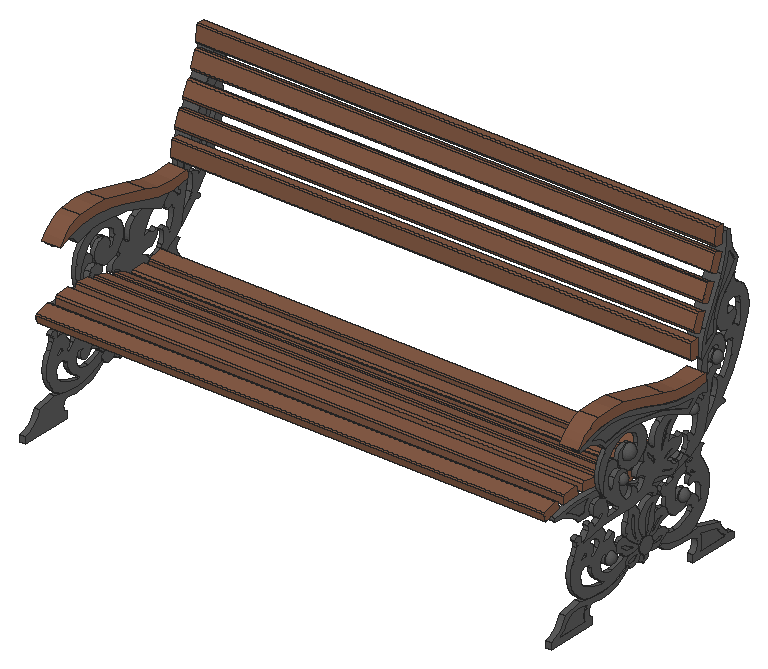
Revit family "Скамейка чугунная «Флора» Ант 6787", category Антураж, Revit 2018
Family settings
  На основе рабочей плоскости = Нет
  Всегда вертикально = Да
  При загрузке вырезать с полостями = Нет
  Источник визуального образа = Геометрия семейства
  Общий = Нет
  Точка расчета площади = Нет
Parameters (values of type "Версия 1,8 м")
  Ширина = 730 mm  # constant formula
  Цвет сидения = Дерево
  Цвет опоры = Чугун
  Описание = if([Версия 0,75 м (кресло)], "Скамейка чугунная «Флора». Версия 0,75 м (кресло)", if([Версия 1,5 м], "Скамейка чугунная «Флора». Версия 1,5 м", "Скамейка чугунная «Флора». Версия 1,8 м"))  # "Скамейка чугунная «Флора». Версия 1,8 м"
  Материал изделия = "Сталь, чугун, дерево"  # constant formula
  Изображение типоразмера = Скамейка чугунная «Флора» Арт 6787.jpg
  Изготовитель = "ООО «Хоббика»"  # constant formula
  Длина = if([Версия 0,75 м (кресло)], 750 mm, if([Версия 1,5 м], 1500 mm, 1800 mm))  # 1800 mm
  Группа модели = "Садовые скамейки"  # constant formula
  Высота = 870 mm  # constant formula
  Версия 1,8 м = not(or([Версия 0,75 м (кресло)], [Версия 1,5 м]))  # yes
  Версия 1,5 м = no
  Версия 0,75 м (кресло) = no
  Артикул товара = "Арт. 6787"  # constant formula
  URL = "https://hobbyka.ru/product/skameika_chugunnaia_flora/"
Types (4, lengths in mm): name | Описание | Длина | Версия 1,8 м | Версия 1,5 м | Версия 0,75 м (кресло)
  (no name) | "Скамейка чугунная «Флора». Версия 1,8 м" | 1800 | yes | no | no
  Версия 0,75 м (кресло) | "Скамейка чугунная «Флора». Версия 0,75 м (кресло)" | 750 | no | no | yes
  Версия 1,5 м | "Скамейка чугунная «Флора». Версия 1,5 м" | 1500 | no | yes | no
  Версия 1,8 м | "Скамейка чугунная «Флора». Версия 1,8 м" | 1800 | yes | no | no
Reference planes
  plane 1 "По центру (Вперед/Назад)": y = 0
  plane 2: z = 0
  plane 3 "По центру (Влево/Вправо)": x = 0
  plane 4: x = 1800
  plane 5: y = 730
  plane 6: z = 870
  plane 7: x = 1780
Forms (mm)
  Extrusion 1, solid, material "Дерево" <- "Цвет сидения"
    sketch origin (0, 0, 0) x (0, 1, 0) y (0, 0, 1)
      loop
        line (764.237, 917.851) -> (769.681, 977.604) -> (744.784, 979.872) -> (739.351, 975.346) -> (734.815, 925.552) -> (739.34, 920.119) -> (764.237, 917.851)
      loop
        line (738.812, 903.114) -> (732.402, 900.128) -> (715.289, 853.147) -> (718.276, 846.738) -> (741.766, 838.182) -> (762.302, 894.558) -> (738.812, 903.114)
      loop
        line (708.562, 824.557) -> (701.821, 822.421) -> (678.793, 778.04) -> (680.929, 771.299) -> (703.12, 759.785) -> (730.753, 813.043) -> (708.562, 824.557)
      loop
        line (690.693, 740.178) -> (667.512, 749.54) -> (661.003, 746.776) -> (642.28, 700.414) -> (645.044, 693.906) -> (668.225, 684.544) -> (690.693, 740.178)
      loop
        line (635.707, 671.07) -> (630.436, 666.357) -> (627.643, 616.435) -> (632.355, 611.163) -> (657.316, 609.767) -> (660.668, 669.673) -> (635.707, 671.07)
    from 0 to 1800
  Extrusion 2, solid, material "Дерево" <- "Цвет сидения"
    sketch origin (0, 0, 0) x (0, 1, 0) y (0, 0, 1)
      loop
        line (82.693, 386.925) -> (76.276, 411.087) -> (70.16, 414.636) -> (21.836, 401.801) -> (18.287, 395.685) -> (24.704, 371.523) -> (82.693, 386.925)
      loop
        line (103.652, 390.911) -> (163.493, 395.272) -> (161.676, 420.206) -> (156.326, 424.829) -> (106.458, 421.195) -> (101.835, 415.845) -> (103.652, 390.911)
      loop
        line (244.388, 386.54) -> (247.768, 411.311) -> (243.49, 416.941) -> (193.949, 423.701) -> (188.319, 419.423) -> (184.939, 394.653) -> (244.388, 386.54)
      loop
        line (261.921, 383.02) -> (319.72, 366.916) -> (326.429, 390.999) -> (322.955, 397.158) -> (274.789, 410.577) -> (268.631, 407.103) -> (261.921, 383.02)
      loop
        line (343.833, 357.222) -> (399.187, 334.071) -> (408.833, 357.135) -> (406.149, 363.677) -> (360.021, 382.969) -> (353.479, 380.286) -> (343.833, 357.222)
      loop
        line (430.538, 324.918) -> (490.53, 323.953) -> (490.933, 348.95) -> (486.014, 354.029) -> (436.02, 354.834) -> (430.94, 349.915) -> (430.538, 324.918)
      loop
        line (510.9, 326.973) -> (570.104, 336.711) -> (566.047, 361.38) -> (560.302, 365.502) -> (510.964, 357.387) -> (506.842, 351.642) -> (510.9, 326.973)
    from 20 to 1780
Dimensions and locks
  "Длина": plane 3 "По центру (Влево/Вправо)" to plane 4
  "Ширина": plane 5 to plane 1 "По центру (Вперед/Назад)"
  "Высота": plane 6 to level
  locked: plane 7 to plane 4 at 20
  aligned and locked: level to plane 2
  aligned and locked: plane 3 "По центру (Влево/Вправо)" to nested 2
  aligned and locked: plane 4 to nested 1
  aligned and locked: nested 2 to Extrusion 2
  aligned and locked: plane 4 to Extrusion 1
  aligned and locked: plane 7 to Extrusion 2
Automatic sketch dimensions
  Extrusion 1 sketch curve to plane 5 = 102.357 mm
  Extrusion 1 sketch curve to Extrusion 1 sketch curve = 2.793 mm
  Extrusion 1 sketch curve to Extrusion 1 sketch curve = 4.713 mm  (x2)
  Extrusion 1 sketch curve to Extrusion 1 sketch curve = 5.272 mm  (x2)
  Extrusion 1 sketch curve to Extrusion 1 sketch curve = 6.572 mm
  Extrusion 1 sketch curve to Extrusion 1 sketch curve = 2.764 mm  (x2)
  Extrusion 1 sketch curve to Extrusion 1 sketch curve = 24.961 mm  (x2)
  Extrusion 1 sketch curve to Extrusion 1 sketch curve = 18.724 mm
  Extrusion 1 sketch curve to Extrusion 1 sketch curve = 6.509 mm  (x2)
  Extrusion 1 sketch curve to Extrusion 1 sketch curve = 7.556 mm
  Extrusion 1 sketch curve to Extrusion 1 sketch curve = 11.281 mm
  Extrusion 1 sketch curve to Extrusion 1 sketch curve = 2.135 mm  (x2)
  Extrusion 1 sketch curve to Extrusion 1 sketch curve = 23.181 mm
  Extrusion 1 sketch curve to plane 5 = 28.179 mm
  Extrusion 1 sketch curve to Extrusion 1 sketch curve = 12.427 mm
  Extrusion 1 sketch curve to Extrusion 1 sketch curve = 6.741 mm  (x2)
  Extrusion 1 sketch curve to plane 5 = 14.711 mm
  Extrusion 1 sketch curve to Extrusion 1 sketch curve = 2.987 mm  (x2)
  plane 5 to Extrusion 1 sketch curve = 0.753 mm
  plane 5 to Extrusion 1 sketch curve = 2.402 mm
  plane 5 to Extrusion 1 sketch curve = 4.815 mm
  Extrusion 1 sketch curve to Extrusion 1 sketch curve = 6.409 mm  (x2)
  Extrusion 1 sketch curve to Extrusion 1 sketch curve = 4.526 mm  (x2)
  plane 5 to Extrusion 1 sketch curve = 9.351 mm
  plane 5 to Extrusion 1 sketch curve = 11.766 mm
  Extrusion 1 sketch curve to Extrusion 1 sketch curve = 5.433 mm  (x2)
  Extrusion 1 sketch curve to Extrusion 1 sketch curve = 23.49 mm
  Extrusion 1 sketch curve to Extrusion 1 sketch curve = 1.935 mm
  Extrusion 1 sketch curve to Extrusion 1 sketch curve = 24.897 mm
  Extrusion 1 sketch curve to plane 6 = 260.233 mm
  Extrusion 1 sketch curve to Extrusion 1 sketch curve = 1.397 mm
  Extrusion 1 sketch curve to Extrusion 1 sketch curve = 14.871 mm
  Extrusion 1 sketch curve to Extrusion 1 sketch curve = 22.836 mm
  Extrusion 1 sketch curve to Extrusion 1 sketch curve = 19.607 mm
  Extrusion 1 sketch curve to Extrusion 1 sketch curve = 11.514 mm
  Extrusion 1 sketch curve to Extrusion 1 sketch curve = 25.139 mm
  Extrusion 1 sketch curve to Extrusion 1 sketch curve = 22.181 mm
  Extrusion 1 sketch curve to Extrusion 1 sketch curve = 23.293 mm
  Extrusion 1 sketch curve to Extrusion 1 sketch curve = 17.005 mm
  Extrusion 2 sketch curve to plane 1 "По центру (Вперед/Назад)" = 18.287 mm
  Extrusion 2 sketch curve to Extrusion 2 sketch curve = 3.549 mm  (x2)
  Extrusion 2 sketch curve to plane 1 "По центру (Вперед/Назад)" = 24.704 mm
  Extrusion 2 sketch curve to Extrusion 2 sketch curve = 48.325 mm
  Extrusion 2 sketch curve to Extrusion 2 sketch curve = 6.116 mm  (x2)
  Extrusion 2 sketch curve to Extrusion 2 sketch curve = 6.417 mm
  Extrusion 2 sketch curve to Extrusion 2 sketch curve = 25.559 mm
  Extrusion 2 sketch curve to Extrusion 2 sketch curve = 20.958 mm
  Extrusion 2 sketch curve to Extrusion 2 sketch curve = 4.623 mm  (x2)
  Extrusion 2 sketch curve to Extrusion 2 sketch curve = 49.868 mm
  Extrusion 2 sketch curve to Extrusion 2 sketch curve = 5.35 mm  (x2)
  Extrusion 2 sketch curve to Extrusion 2 sketch curve = 1.817 mm
  Extrusion 2 sketch curve to Extrusion 2 sketch curve = 21.445 mm
  Extrusion 2 sketch curve to Extrusion 2 sketch curve = 3.38 mm
  Extrusion 2 sketch curve to Extrusion 2 sketch curve = 5.63 mm  (x2)
  Extrusion 2 sketch curve to Extrusion 2 sketch curve = 49.541 mm
  Extrusion 2 sketch curve to Extrusion 2 sketch curve = 0.898 mm
  Extrusion 2 sketch curve to Extrusion 2 sketch curve = 4.278 mm  (x2)
  Extrusion 2 sketch curve to Extrusion 2 sketch curve = 17.533 mm
  Extrusion 2 sketch curve to Extrusion 2 sketch curve = 20.863 mm
  Extrusion 2 sketch curve to Extrusion 2 sketch curve = 6.159 mm  (x2)
  Extrusion 2 sketch curve to Extrusion 2 sketch curve = 57.799 mm
  Extrusion 2 sketch curve to Extrusion 2 sketch curve = 3.235 mm
  Extrusion 2 sketch curve to Extrusion 2 sketch curve = 3.475 mm  (x2)
  Extrusion 2 sketch curve to Extrusion 2 sketch curve = 24.113 mm
  Extrusion 2 sketch curve to Extrusion 2 sketch curve = 9.646 mm
  Extrusion 2 sketch curve to Extrusion 2 sketch curve = 6.542 mm  (x2)
  Extrusion 2 sketch curve to Extrusion 2 sketch curve = 55.354 mm
  Extrusion 2 sketch curve to Extrusion 2 sketch curve = 6.963 mm
  Extrusion 2 sketch curve to Extrusion 2 sketch curve = 2.684 mm  (x2)
  Extrusion 2 sketch curve to Extrusion 2 sketch curve = 31.352 mm
  Extrusion 2 sketch curve to Extrusion 2 sketch curve = 22.108 mm
  Extrusion 2 sketch curve to Extrusion 2 sketch curve = 5.08 mm  (x2)
  Extrusion 2 sketch curve to Extrusion 2 sketch curve = 49.994 mm
  Extrusion 2 sketch curve to Extrusion 2 sketch curve = 4.517 mm
  Extrusion 2 sketch curve to Extrusion 2 sketch curve = 4.919 mm  (x2)
  Extrusion 2 sketch curve to Extrusion 2 sketch curve = 15.91 mm
  Extrusion 2 sketch curve to Extrusion 2 sketch curve = 20.369 mm
  Extrusion 2 sketch curve to Extrusion 2 sketch curve = 4.122 mm  (x2)
  Extrusion 2 sketch curve to Extrusion 2 sketch curve = 49.337 mm
  Extrusion 2 sketch curve to Extrusion 2 sketch curve = 5.745 mm  (x2)
  Extrusion 2 sketch curve to Extrusion 2 sketch curve = 4.057 mm
  level to Extrusion 2 sketch curve = 323.953 mm
  Extrusion 2 sketch curve to Extrusion 2 sketch curve = 0.965 mm
  Extrusion 2 sketch curve to Extrusion 2 sketch curve = 3.02 mm
  Extrusion 2 sketch curve to Extrusion 2 sketch curve = 9.153 mm
  Extrusion 2 sketch curve to Extrusion 2 sketch curve = 9.738 mm
  Extrusion 2 sketch curve to Extrusion 2 sketch curve = 7.22 mm
  Extrusion 2 sketch curve to Extrusion 2 sketch curve = 9.695 mm
  Extrusion 2 sketch curve to Extrusion 2 sketch curve = 4.607 mm
  Extrusion 2 sketch curve to Extrusion 2 sketch curve = 16.104 mm
  Extrusion 2 sketch curve to Extrusion 2 sketch curve = 3.52 mm
  Extrusion 2 sketch curve to Extrusion 2 sketch curve = 15.402 mm
  Extrusion 2 sketch curve to Extrusion 2 sketch curve = 3.986 mm
  Extrusion 2 sketch curve to Extrusion 2 sketch curve = 8.112 mm
  Extrusion 2 sketch curve to Extrusion 2 sketch curve = 0.62 mm
Nested families
  nested 1: "Скамейка чугунная «Флора» Ант 6787" at (1800, 0, 0), type "Скамейка чугунная «Флора» Ант 6787"
  nested 2: "Скамейка чугунная «Флора» Ант 6787" at (0, 0, 0) x (-1, 0, 0) z (0, 0, 1), type "Скамейка чугунная «Флора» Ант 6787"
Definition of nested family "Скамейка чугунная «Флора» Ант 6787"
  Parameters (values of type "Скамейка чугунная «Флора» Ант 6787")
    Цвет сидения = none
    Цвет опоры = none
    Height = 0 mm
  Reference planes
    plane 1 "По центру (Вперед/Назад)": y = 0
    plane 2: z = 0
    plane 3 "По центру (Влево/Вправо)": x = 0
  Forms (mm)
    Extrusion 1, solid, material <- "Цвет опоры"
      sketch origin (0, 0, 0) x (0, -1, 0) y (0, 0, -1)
        loop
          line (-176, 0) -> (-176, -25)
          arc (-176, -25) -> (-161.819, -51.313) -> (-187.385, -66.801) r 21.689
          arc (-187.385, -66.801) -> (-267.585, -68.528) -> (-336.32, -109.887) r 155.974
          arc (-336.32, -109.887) -> (-333.812, -113.206) -> (-331.008, -116.279) r 44.966
          arc (-331.008, -116.279) -> (-282.055, -89.581) -> (-227.057, -80.393) r 167.848
          arc (-227.057, -80.393) -> (-176.367, -83.615) -> (-126.467, -93.095) r 409.023
          line (-126.467, -93.095) -> (-61.611, -77.463)
          arc (-61.611, -77.463) -> (-37.664, -41.378) -> (0, -20) r 93.263
          line (0, -20) -> (0, 0) -> (-176, 0)
        loop
          line (-614, -25) -> (-614, 0) -> (-790, 0) -> (-790, -20)
          arc (-790, -20) -> (-752.336, -41.378) -> (-728.389, -77.463) r 93.263
          line (-728.389, -77.463) -> (-637.297, -100.82)
          arc (-637.297, -100.82) -> (-556.178, -95.442) -> (-478.385, -119.058) r 226.474
          arc (-478.385, -119.058) -> (-472.225, -115.705) -> (-465.595, -113.417) r 42.252
          arc (-465.595, -113.417) -> (-498.112, -93.073) -> (-535.429, -84.202) r 118.303
          arc (-535.429, -84.202) -> (-572.267, -80.636) -> (-609.24, -78.985) r 713.406
          arc (-609.24, -78.985) -> (-634.447, -54.005) -> (-614, -25) r 27.479
      from 0 to 20
    Extrusion 2, void
      sketch origin (0, 0, 0) x (0, -1, 0) y (0, 0, -1)
        loop
          arc (-157.538, -69.735) -> (-115.335, -76.779) -> (-73.861, -66.258) r 104.142
          arc (-73.861, -66.258) -> (-58.376, -43.782) -> (-38.428, -25.155) r 126.413
          line (-38.428, -25.155) -> (-39.08, -19.397) -> (-150.104, -19.397)
          arc (-150.104, -19.397) -> (-144.665, -45.919) -> (-157.538, -69.735) r 39.595
        loop
          arc (-642.573, -80.803) -> (-649.238, -49.751) -> (-639.896, -19.397) r 62.956
          line (-639.896, -19.397) -> (-750.92, -19.397) -> (-751.572, -25.155)
          arc (-751.572, -25.155) -> (-733.226, -41.96) -> (-718.527, -62.032) r 126.413
          arc (-718.527, -62.032) -> (-680.139, -69.754) -> (-642.573, -80.803) r 447.321
      from 15 to 20
    Extrusion 3, solid, material <- "Цвет опоры"
      sketch origin (0, 0, 0) x (0, -1, 0) y (0, 0, -1)
        loop
          arc (-389.697, -126.259) -> (-383.797, -134.822) -> (-381.531, -144.971) r 27.282
          arc (-381.531, -144.971) -> (-361.409, -139.85) -> (-340.653, -139.32) r 93.021
          arc (-340.653, -139.32) -> (-330.111, -132.803) -> (-323.513, -122.311) r 27.431
          arc (-323.513, -122.311) -> (-331.268, -116.017) -> (-337.442, -108.167) r 44.966
          arc (-337.442, -108.167) -> (-357.643, -98.459) -> (-378.859, -105.685) r 29.611
          arc (-378.859, -105.685) -> (-386.32, -114.896) -> (-389.697, -126.259) r 30.439
        loop
          arc (-425.572, -124.217) -> (-454.347, -112.12) -> (-483.574, -123.078) r 42.252
          arc (-483.574, -123.078) -> (-497.393, -134.061) -> (-513.237, -141.845) r 82.329
          arc (-513.237, -141.845) -> (-495.541, -161.382) -> (-470.064, -168.147) r 46.461
          arc (-470.064, -168.147) -> (-453.998, -157.207) -> (-434.859, -153.814) r 46.368
          arc (-434.859, -153.814) -> (-434.832, -137.567) -> (-425.572, -124.217) r 27.282
      from 0 to 15
    Extrusion 4, solid, material <- "Цвет опоры"
      sketch origin (0, 0, 0) x (0, -1, 0) y (0, 0, -1)
        loop
          arc (-398.746, -96.005) -> (-406.505, -93.051) -> (-410.155, -85.595) r 11.308
          arc (-410.155, -85.595) -> (-425.956, -99.311) -> (-431.213, -119.564) r 35.292
          arc (-431.213, -119.564) -> (-428.292, -121.768) -> (-425.572, -124.217) r 42.252
          arc (-425.572, -124.217) -> (-407.251, -118.497) -> (-389.697, -126.259) r 27.282
          arc (-389.697, -126.259) -> (-387.444, -117.273) -> (-382.592, -109.381) r 30.439
          arc (-382.592, -109.381) -> (-388.169, -99.674) -> (-398.746, -96.005) r 15.986
      from 0 to 12
    Extrusion 5, solid, material <- "Цвет опоры"
      sketch origin (0, 0, 0) x (0, -1, 0) y (0, 0, -1)
        loop
          arc (-281.327, -170.226) -> (-303.916, -164.898) -> (-320.826, -149.002) r 44.897
          arc (-320.826, -149.002) -> (-328.244, -142.808) -> (-337.38, -139.662) r 26.686
          arc (-337.38, -139.662) -> (-359.777, -139.639) -> (-381.531, -144.971) r 93.021
          arc (-381.531, -144.971) -> (-381.966, -150.648) -> (-383.57, -156.112) r 27.282
          line (-383.57, -156.112) -> (-353.236, -178.223)
          arc (-353.236, -178.223) -> (-342.692, -187.514) -> (-334.018, -198.571) r 76.781
          arc (-334.018, -198.571) -> (-315.878, -205.077) -> (-297.738, -198.571) r 28.542
          arc (-297.738, -198.571) -> (-290.473, -191.336) -> (-284.533, -182.979) r 60.512
          arc (-284.533, -182.979) -> (-283.502, -176.459) -> (-281.327, -170.226) r 36.944
        loop
          arc (-445.632, -211.746) -> (-437.491, -188.71) -> (-423.071, -168.987) r 84.074
          arc (-423.071, -168.987) -> (-430.345, -162.473) -> (-434.859, -153.814) r 27.282
          arc (-434.859, -153.814) -> (-454.992, -157.626) -> (-471.516, -169.742) r 46.368
          arc (-471.516, -169.742) -> (-488.181, -183.476) -> (-508.619, -190.451) r 60.24
          arc (-508.619, -190.451) -> (-512.198, -192.409) -> (-513.052, -196.398) r 4.897
          arc (-513.052, -196.398) -> (-512.933, -197.648) -> (-512.767, -198.893) r 33.813
          arc (-512.767, -198.893) -> (-508.262, -207.004) -> (-505.084, -215.72) r 59.039
          arc (-505.084, -215.72) -> (-490.945, -225.558) -> (-473.794, -227.155) r 33.813
          arc (-473.794, -227.155) -> (-457.902, -222.759) -> (-445.632, -211.746) r 36.034
      from 0 to 13
    Extrusion 6, solid, material <- "Цвет опоры"
      sketch origin (0, 0, 0) x (0, -1, 0) y (0, 0, -1)
        loop
          arc (-397.651, -170.634) -> (-410.565, -172.959) -> (-423.071, -168.987) r 27.282
          arc (-423.071, -168.987) -> (-440.034, -193.962) -> (-447.08, -223.318) r 84.074
          arc (-447.08, -223.318) -> (-452.625, -251.735) -> (-471.886, -273.352) r 54.754
          arc (-471.886, -273.352) -> (-401.767, -266.38) -> (-386.257, -197.644) r 60.226
          line (-386.257, -197.644) -> (-397.651, -170.634)
      from 0 to 18
    Extrusion 7, solid, material <- "Цвет опоры"
      sketch origin (0, 0, 0) x (0, -1, 0) y (0, 0, -1)
        loop
          arc (-361.77, -287.717) -> (-350.227, -286.352) -> (-338.639, -285.435) r 299.785
          arc (-338.639, -285.435) -> (-341.259, -265.159) -> (-334.443, -245.883) r 44.057
          arc (-334.443, -245.883) -> (-328.344, -223.618) -> (-332.56, -200.92) r 51.619
          arc (-332.56, -200.92) -> (-341.752, -188.528) -> (-353.236, -178.223) r 76.781
          line (-353.236, -178.223) -> (-383.57, -156.112)
          arc (-383.57, -156.112) -> (-389.215, -164.726) -> (-397.651, -170.634) r 27.282
          line (-397.651, -170.634) -> (-386.257, -197.644)
          arc (-386.257, -197.644) -> (-381.438, -221.968) -> (-386.827, -246.172) r 60.226
          arc (-386.827, -246.172) -> (-379.831, -270.281) -> (-361.77, -287.717) r 48.773
      from 0 to 16
    Extrusion 8, solid, material <- "Цвет опоры"
      sketch origin (0, 0, 0) x (0, -1, 0) y (0, 0, -1)
        loop
          circle (-408.801, -145.735) r 27.282
      from 0 to 22
    Extrusion 9, void
      sketch origin (13, 0, 0) x (0, 1, 0) y (0, 0, -1)
        loop
          arc (304.33, -180.927) -> (322.982, -179.407) -> (339.771, -171.142) r 50.043
          arc (339.771, -171.142) -> (355.09, -160.094) -> (371.688, -151.084) r 148.236
          arc (371.688, -151.084) -> (352.547, -152.824) -> (334.191, -158.52) r 91.601
          arc (334.191, -158.52) -> (318.057, -168.12) -> (304.33, -180.927) r 87.923
        loop
          arc (467.081, -180.648) -> (456.124, -170.549) -> (442.302, -164.981) r 41.414
          arc (442.302, -164.981) -> (450.07, -180.208) -> (460.307, -193.898) r 100.49
          arc (460.307, -193.898) -> (476.525, -201.12) -> (494.274, -200.765) r 40.776
          arc (494.274, -200.765) -> (478.821, -193.216) -> (467.081, -180.648) r 47.373
      from 0 to 3
    Extrusion 10, void
      sketch origin (18, 0, 0) x (0, 1, 0) y (0, 0, -1)
        loop
          arc (408.703, -173.016) -> (406.696, -199.496) -> (409.121, -225.94) r 159.122
          arc (409.121, -225.94) -> (425.333, -255.064) -> (455.581, -269.064) r 53.846
          arc (455.581, -269.064) -> (439.551, -252.488) -> (430.089, -231.458) r 67.011
          arc (430.089, -231.458) -> (421.264, -202.205) -> (414.222, -172.472) r 505.246
          arc (414.222, -172.472) -> (411.476, -172.885) -> (408.703, -173.016) r 27.282
      from 0 to 3
    Extrusion 11, void
      sketch origin (16, 0, 0) x (0, 1, 0) y (0, 0, -1)
        loop
          arc (379.03, -167.34) -> (357.927, -195.112) -> (348.57, -228.713) r 92.78
          arc (348.57, -228.713) -> (351.037, -248.423) -> (356.714, -267.457) r 120.272
          arc (356.714, -267.457) -> (365.311, -250.643) -> (366.651, -231.806) r 47.334
          arc (366.651, -231.806) -> (368.889, -198.814) -> (379.03, -167.34) r 135.869
      from 0 to 3
    Extrusion 12, void
      sketch origin (15, 0, 0) x (0, 1, 0) y (0, 0, -1)
        loop
          arc (360.951, -112.259) -> (346.533, -114.16) -> (333.56, -120.734) r 43.247
          arc (333.56, -120.734) -> (356.493, -127.658) -> (380.447, -127.456) r 79.73
          arc (380.447, -127.456) -> (372.312, -117.788) -> (360.951, -112.259) r 30.419
        loop
          arc (494.351, -140.05) -> (469.036, -128.005) -> (441.185, -131.21) r 50.838
          arc (441.185, -131.21) -> (466.646, -142.378) -> (494.351, -140.05) r 56.498
      from 0 to 3
    Extrusion 13, void
      sketch origin (12, 0, 0) x (0, 1, 0) y (0, 0, -1)
        loop
          arc (405.647, -115.487) -> (414.684, -105.794) -> (415.034, -92.547) r 18.709
          arc (415.034, -92.547) -> (406.389, -102.4) -> (405.647, -115.487) r 20.125
      from 0 to 3
    Extrusion 14, solid, material <- "Цвет сидения"
      sketch origin (0, 0, 0) x (0, -1, 0) y (0, 0, -1)
        loop
          arc (-193.238, -636.935) -> (-142.82, -614.525) -> (-107.409, -572.214) r 122.13
          arc (-107.409, -572.214) -> (-150.763, -591.984) -> (-196.798, -604.275) r 285.759
          arc (-196.798, -604.275) -> (-292.22, -607.776) -> (-385.797, -588.773) r 403.801
          line (-385.797, -588.773) -> (-470.885, -561.506)
          arc (-470.885, -561.506) -> (-562.924, -541.543) -> (-656.873, -548.125) r 333.275
          arc (-656.873, -548.125) -> (-657.371, -561.286) -> (-654.363, -574.109) r 49.261
          arc (-654.363, -574.109) -> (-563.039, -572.314) -> (-474.304, -593.98) r 353.494
          arc (-474.304, -593.98) -> (-389.35, -620.036) -> (-302.611, -639.338) r 1130.232
          arc (-302.611, -639.338) -> (-247.825, -642.638) -> (-193.238, -636.935) r 334.466
      from -35 to 30
    Extrusion 15, solid, material <- "Цвет опоры"
      sketch origin (0, 0, 0) x (0, -1, 0) y (0, 0, -1)
        loop
          arc (-123.089, -560.207) -> (-179.534, -559.744) -> (-225.094, -526.421) r 92.046
          arc (-225.094, -526.421) -> (-288.096, -540.967) -> (-352.753, -541.417) r 294.54
          arc (-352.753, -541.417) -> (-474.777, -520.856) -> (-589.231, -473.817) r 556.014
          arc (-589.231, -473.817) -> (-607.046, -493.465) -> (-627.703, -510.1) r 169.845
          arc (-627.703, -510.1) -> (-646.796, -515.751) -> (-665.889, -510.1) r 35.08
          line (-665.889, -510.1) -> (-665.889, -546.116)
          arc (-665.889, -546.116) -> (-582.984, -532.485) -> (-500.079, -546.116) r 258.938
          line (-500.079, -546.116) -> (-416.256, -571.634)
          arc (-416.256, -571.634) -> (-266.92, -602.969) -> (-117.584, -571.634) r 371.522
          arc (-117.584, -571.634) -> (-116.405, -564.026) -> (-123.089, -560.207) r 6.789
      from 0 to 25
    Extrusion 16, void
      sketch origin (25, 0, 0) x (0, 1, 0) y (0, 0, -1)
        loop
          arc (229.256, -541.393) -> (199.205, -564.355) -> (163.113, -575.656) r 108.918
          arc (163.113, -575.656) -> (257.136, -591.625) -> (351.477, -577.653) r 303.749
          line (351.477, -577.653) -> (496.411, -534.689)
          arc (496.411, -534.689) -> (554.205, -522.389) -> (613.104, -517.67) r 455.747
          arc (613.104, -517.67) -> (599.911, -505.739) -> (588.199, -492.352) r 152.429
          arc (588.199, -492.352) -> (481.723, -532.635) -> (369.869, -553.817) r 653.056
          arc (369.869, -553.817) -> (298.952, -554.515) -> (229.256, -541.393) r 362.526
      from 0 to 3
    Revolve 17, solid, material <- "Цвет опоры"
      sketch origin (14, 0, 0) x (0, -1, 0) y (0, 0, -1)
        loop
          arc (-336.754, -441.838) -> (-361.754, -466.838) -> (-336.754, -491.838) r 25
          line (-336.754, -491.838) -> (-336.754, -441.838)
        axis (-336.754, -491.838) -> (-336.754, -441.838)
      angle from 180 to 360
    Revolve 18, solid, material <- "Цвет опоры"
      sketch origin (18, 0, 0) x (0, -1, 0) y (0, 0, -1)
        loop
          arc (-309.349, -377.458) -> (-326.349, -394.458) -> (-309.349, -411.458) r 17
          line (-309.349, -411.458) -> (-309.349, -377.458)
        axis (-309.349, -411.458) -> (-309.349, -377.458)
      angle from 180 to 360
    Revolve 19, solid, material <- "Цвет опоры"
      sketch origin (15, 0, 0) x (0, -1, 0) y (0, 0, -1)
        loop
          arc (-257.634, -151.351) -> (-277.634, -171.351) -> (-257.634, -191.351) r 20
          line (-257.634, -191.351) -> (-257.634, -151.351)
        axis (-257.634, -191.351) -> (-257.634, -151.351)
      angle from 180 to 360
    Revolve 20, solid, material <- "Цвет опоры"
      sketch origin (13, 0, 0) x (0, -1, 0) y (0, 0, -1)
        loop
          arc (-577.225, -205.999) -> (-597.225, -225.999) -> (-577.225, -245.999) r 20
          line (-577.225, -245.999) -> (-577.225, -205.999)
        axis (-577.225, -245.999) -> (-577.225, -205.999)
      angle from 180 to 360
    Extrusion 21, solid, material <- "Цвет опоры"
      sketch origin (0, 0, 0) x (0, -1, 0) y (0, 0, -1)
        loop
          line (-664.998, -609.839) -> (-718.187, -664.919)
          arc (-718.187, -664.919) -> (-732.104, -740.951) -> (-778.15, -803.035) r 170.574
          arc (-778.15, -803.035) -> (-799.119, -829.978) -> (-814.104, -860.654) r 165.265
          arc (-814.104, -860.654) -> (-788.362, -906.448) -> (-780.951, -958.455) r 142.579
          arc (-780.951, -958.455) -> (-774.864, -963.127) -> (-767.245, -962.219) r 10.176
          arc (-767.245, -962.219) -> (-763.571, -899.266) -> (-743.887, -839.356) r 244.024
          arc (-743.887, -839.356) -> (-708.599, -769.365) -> (-675.899, -698.128) r 2139.023
          arc (-675.899, -698.128) -> (-662.399, -656.414) -> (-657.672, -612.825) r 214.285
          arc (-657.672, -612.825) -> (-660.425, -609.099) -> (-664.998, -609.839) r 4.45
      from -40 to 15
    Extrusion 22, void
      sketch origin (15, 0, 0) x (0, 1, 0) y (0, 0, -1)
        loop
          arc (800.41, -858.574) -> (780.863, -824.068) -> (754.842, -794.141) r 198.337
          arc (754.842, -794.141) -> (717.807, -737.691) -> (708.549, -670.815) r 153.636
          arc (708.549, -670.815) -> (689.106, -658.235) -> (671.699, -642.963) r 158.906
          arc (671.699, -642.963) -> (677.072, -668.559) -> (685.541, -693.304) r 213.068
          arc (685.541, -693.304) -> (719.33, -763.997) -> (754.607, -833.959) r 3702.974
          arc (754.607, -833.959) -> (768.102, -868.131) -> (776.567, -903.883) r 256.024
          arc (776.567, -903.883) -> (786.6, -880.235) -> (800.41, -858.574) r 154.579
      from 0 to 3
    Extrusion 23, solid, material <- "Цвет опоры"
      sketch origin (0, 0, 0) x (0, -1, 0) y (0, 0, -1)
        loop
          arc (-45.376, -380.021) -> (-40.856, -375.383) -> (-44.156, -369.811) r 5.325
          arc (-44.156, -369.811) -> (-99.043, -357.797) -> (-146.025, -326.981) r 154.789
          arc (-146.025, -326.981) -> (-269.305, -320.849) -> (-387.314, -284.661) r 499.3
          arc (-387.314, -284.661) -> (-498.847, -291.987) -> (-603.315, -331.732) r 376.544
          line (-603.315, -331.732) -> (-584.558, -350.489)
          arc (-584.558, -350.489) -> (-574.419, -342.878) -> (-562.878, -337.631) r 58.462
          arc (-562.878, -337.631) -> (-465.917, -324.338) -> (-370.513, -346.16) r 272.488
          arc (-370.513, -346.16) -> (-211.078, -393.176) -> (-45.376, -380.021) r 456.725
      from -20 to 0
    Extrusion 24, void
      sketch origin (0, 0, 0) x (0, 1, 0) y (0, 0, -1)
        loop
          arc (192.72, -382.689) -> (175.369, -365.96) -> (169.403, -342.607) r 44.106
          arc (169.403, -342.607) -> (158.2, -342.578) -> (147.001, -342.33) r 571.603
          arc (147.001, -342.33) -> (116.595, -362.771) -> (82.483, -376.141) r 168.153
          arc (82.483, -376.141) -> (137.398, -382.85) -> (192.72, -382.689) r 444.725
      from 0 to 5
    Revolve 25, solid, material <- "Цвет опоры"
      sketch origin (16, 0, 0) x (0, -1, 0) y (0, 0, -1)
        loop
          arc (-616.21, -460.666) -> (-633.21, -477.666) -> (-616.21, -494.666) r 17
          line (-616.21, -494.666) -> (-616.21, -460.666)
        axis (-616.21, -494.666) -> (-616.21, -460.666)
      angle from 180 to 360
    Revolve 26, solid, material <- "Цвет опоры"
      sketch origin (16, 0, 0) x (0, -1, 0) y (0, 0, -1)
        loop
          arc (-717.752, -574.556) -> (-737.752, -594.556) -> (-717.752, -614.556) r 20
          line (-717.752, -614.556) -> (-717.752, -574.556)
        axis (-717.752, -614.556) -> (-717.752, -574.556)
      angle from 180 to 360
    Extrusion 27, solid, material <- "Цвет опоры"
      sketch origin (0, 0, 0) x (0, -1, 0) y (0, 0, -1)
        loop
          line (-668.615, -380.844) -> (-720.526, -429.223)
          arc (-720.526, -429.223) -> (-732.607, -436.476) -> (-746.691, -436.921) r 27.984
          arc (-746.691, -436.921) -> (-751.262, -438.703) -> (-752.682, -443.398) r 5.607
          arc (-752.682, -443.398) -> (-747.786, -451.002) -> (-739.825, -455.292) r 18.118
          arc (-739.825, -455.292) -> (-804, -545.828) -> (-846.102, -648.506) r 488.862
          arc (-846.102, -648.506) -> (-855.521, -700.413) -> (-846.102, -752.321) r 147.745
          arc (-846.102, -752.321) -> (-833.958, -771.09) -> (-815.025, -782.977) r 51.694
          arc (-815.025, -782.977) -> (-796.766, -799.283) -> (-795, -823.699) r 32.607
          arc (-795, -823.699) -> (-786.993, -813.027) -> (-778.15, -803.035) r 165.265
          arc (-778.15, -803.035) -> (-740.029, -756.877) -> (-720.204, -700.39) r 170.574
          arc (-720.204, -700.39) -> (-723.955, -683.578) -> (-734.054, -669.624) r 42.622
          arc (-734.054, -669.624) -> (-758.782, -660.251) -> (-784.52, -666.326) r 45.174
          arc (-784.52, -666.326) -> (-799.886, -688.394) -> (-795.042, -714.846) r 34.968
          arc (-795.042, -714.846) -> (-787.643, -706.985) -> (-777.368, -703.676) r 21.646
          arc (-777.368, -703.676) -> (-765.498, -707.561) -> (-760.491, -719.002) r 15.28
          arc (-760.491, -719.002) -> (-768.511, -739.64) -> (-788.551, -749.057) r 29.815
          arc (-788.551, -749.057) -> (-812.977, -739.969) -> (-823.003, -715.913) r 32.7
          arc (-823.003, -715.913) -> (-824.334, -681.761) -> (-817.785, -648.216) r 147.777
          arc (-817.785, -648.216) -> (-814.303, -646.028) -> (-810.69, -647.991) r 4.071
          arc (-810.69, -647.991) -> (-807.054, -652.912) -> (-802.595, -657.101) r 33.986
          arc (-802.595, -657.101) -> (-782.652, -663.027) -> (-763.57, -654.739) r 30.396
          arc (-763.57, -654.739) -> (-757.149, -646.748) -> (-753.316, -637.24) r 35.034
          arc (-753.316, -637.24) -> (-755.273, -630.117) -> (-756.717, -622.872) r 103.389
          arc (-756.717, -622.872) -> (-776.535, -627.879) -> (-788.818, -611.54) r 18.458
          arc (-788.818, -611.54) -> (-777.411, -558.373) -> (-751.241, -510.707) r 187.677
          arc (-751.241, -510.707) -> (-747.748, -509.283) -> (-745.475, -512.292) r 3.094
          arc (-745.475, -512.292) -> (-735.606, -525.706) -> (-719.083, -527.78) r 21.094
          arc (-719.083, -527.78) -> (-723.472, -498.068) -> (-716.011, -468.975) r 76.015
          arc (-716.011, -468.975) -> (-702.657, -446.312) -> (-685.061, -426.759) r 131.544
          arc (-685.061, -426.759) -> (-680.836, -426.057) -> (-678.933, -429.894) r 3.598
          line (-678.933, -429.894) -> (-668.615, -380.844)
      from 0 to 18
    Extrusion 28, solid, material <- "Цвет опоры"
      sketch origin (0, 0, 0) x (0, -1, 0) y (0, 0, -1)
        loop
          arc (-478.385, -119.058) -> (-538.126, -98.256) -> (-601.289, -94.788) r 226.474
          arc (-601.289, -94.788) -> (-684.666, -185.934) -> (-655.595, -305.992) r 131.425
          arc (-655.595, -305.992) -> (-650.222, -328.181) -> (-663.654, -346.641) r 27.187
          arc (-663.654, -346.641) -> (-652.998, -354.201) -> (-639.934, -354.416) r 22.083
          arc (-639.934, -354.416) -> (-622.238, -342.083) -> (-603.315, -331.732) r 199.658
          arc (-603.315, -331.732) -> (-595.188, -327.29) -> (-586.954, -323.049) r 376.544
          line (-586.954, -323.049) -> (-591.421, -295.709)
          arc (-591.421, -295.709) -> (-599.194, -279.915) -> (-614.448, -271.128) r 30.233
          arc (-614.448, -271.128) -> (-601.876, -260.105) -> (-605.27, -243.733) r 16.602
          arc (-605.27, -243.733) -> (-628.458, -247.359) -> (-647.232, -233.274) r 30.179
          arc (-647.232, -233.274) -> (-652.269, -201.881) -> (-645.168, -170.889) r 83.236
          arc (-645.168, -170.889) -> (-642.055, -168.734) -> (-638.941, -170.889) r 3.326
          arc (-638.941, -170.889) -> (-639.48, -181.551) -> (-637.844, -192.1) r 52.311
          arc (-637.844, -192.1) -> (-625.823, -206.974) -> (-607.237, -211.481) r 29.803
          arc (-607.237, -211.481) -> (-603.69, -210.574) -> (-600.264, -209.286) r 33.464
          arc (-600.264, -209.286) -> (-592.79, -196.322) -> (-582.044, -185.908) r 53.969
          arc (-582.044, -185.908) -> (-595.839, -187.557) -> (-608.403, -181.626) r 25.132
          arc (-608.403, -181.626) -> (-615.354, -170.741) -> (-611.916, -158.292) r 15.877
          arc (-611.916, -158.292) -> (-580.668, -139.244) -> (-544.882, -131.59) r 109.2
          arc (-544.882, -131.59) -> (-525.663, -133.703) -> (-507.175, -139.36) r 103.293
          arc (-507.175, -139.36) -> (-494.66, -132.255) -> (-483.574, -123.078) r 82.329
          arc (-483.574, -123.078) -> (-481.058, -120.967) -> (-478.385, -119.058) r 42.252
        loop
          arc (-591.084, -323.555) -> (-589.765, -321.434) -> (-591.084, -319.314) r 2.364
          arc (-591.084, -319.314) -> (-601.049, -316.423) -> (-611.425, -316.486) r 36.087
          arc (-611.425, -316.486) -> (-615.955, -320.319) -> (-616.208, -326.247) r 7.391
          arc (-616.208, -326.247) -> (-603.467, -326.574) -> (-591.084, -323.555) r 48.285
        loop
          arc (-601.972, -291.268) -> (-610.5, -279.523) -> (-624.475, -275.601) r 22.1
          arc (-624.475, -275.601) -> (-616.286, -287.833) -> (-601.972, -291.268) r 20.215
      from 0 to 16
    Extrusion 29, solid, material <- "Цвет опоры"
      sketch origin (0, 0, 0) x (0, -1, 0) y (0, 0, -1)
        loop
          arc (-227.057, -80.393) -> (-282.055, -89.581) -> (-331.008, -116.279) r 167.848
          arc (-331.008, -116.279) -> (-327.422, -119.496) -> (-323.513, -122.311) r 44.966
          arc (-323.513, -122.311) -> (-330.111, -132.803) -> (-340.653, -139.32) r 27.431
          arc (-340.653, -139.32) -> (-339.015, -139.476) -> (-337.38, -139.662) r 93.021
          arc (-337.38, -139.662) -> (-330.406, -141.714) -> (-324.245, -145.573) r 26.686
          arc (-324.245, -145.573) -> (-298.462, -133.188) -> (-270.622, -126.625) r 132.516
          arc (-270.622, -126.625) -> (-243.125, -129.279) -> (-221.488, -146.453) r 48.737
          arc (-221.488, -146.453) -> (-216.34, -164.978) -> (-221.488, -183.503) r 35.909
          arc (-221.488, -183.503) -> (-230.22, -190.475) -> (-241.394, -190.439) r 16.825
          arc (-241.394, -190.439) -> (-243.559, -188.478) -> (-243.557, -185.557) r 3.599
          arc (-243.557, -185.557) -> (-239.139, -163.739) -> (-257.634, -151.351) r 20
          arc (-257.634, -151.351) -> (-266.177, -153.267) -> (-273.083, -158.649) r 20
          arc (-273.083, -158.649) -> (-284.617, -185.467) -> (-273.083, -212.284) r 36.944
          arc (-273.083, -212.284) -> (-271.176, -216.182) -> (-272.288, -220.38) r 6.212
          arc (-272.288, -220.38) -> (-277.008, -232.343) -> (-272.288, -244.305) r 17.519
          arc (-272.288, -244.305) -> (-254.749, -231.637) -> (-233.159, -230.244) r 39.068
          arc (-233.159, -230.244) -> (-230.078, -234.341) -> (-232.074, -239.063) r 5.137
          arc (-232.074, -239.063) -> (-236.32, -261.629) -> (-221.6, -279.252) r 26.901
          arc (-221.6, -279.252) -> (-220.728, -281.818) -> (-222.322, -284.009) r 2.943
          line (-222.322, -284.009) -> (-141.658, -269.459)
          arc (-141.658, -269.459) -> (-137.267, -269.257) -> (-134.002, -272.198) r 5.785
          arc (-134.002, -272.198) -> (-134.852, -282.632) -> (-129.891, -291.85) r 18.457
          arc (-129.891, -291.85) -> (-117.519, -294.421) -> (-108.218, -285.868) r 13.837
          arc (-108.218, -285.868) -> (-117.297, -276.313) -> (-117.612, -263.136) r 18.321
          arc (-117.612, -263.136) -> (-113.079, -251.41) -> (-107.411, -240.188) r 127.172
          arc (-107.411, -240.188) -> (-96.767, -143.131) -> (-174.366, -83.873) r 99.307
          arc (-174.366, -83.873) -> (-200.655, -81.282) -> (-227.057, -80.393) r 409.023
        loop
          arc (-228.99, -110.56) -> (-207.676, -123.999) -> (-190.302, -142.248) r 102.128
          arc (-190.302, -142.248) -> (-182.711, -159.06) -> (-181.862, -177.486) r 49.085
          arc (-181.862, -177.486) -> (-176.384, -179.544) -> (-171.093, -177.042) r 7.504
          arc (-171.093, -177.042) -> (-165.873, -186.208) -> (-155.967, -189.833) r 15.334
          arc (-155.967, -189.833) -> (-140.038, -185.05) -> (-130.369, -171.518) r 25.71
          arc (-130.369, -171.518) -> (-134.993, -145.512) -> (-152.331, -125.585) r 49.504
          arc (-152.331, -125.585) -> (-191.022, -108.775) -> (-232.335, -100.24) r 205.016
          arc (-232.335, -100.24) -> (-232.508, -105.998) -> (-228.99, -110.56) r 8.553
        loop
          arc (-208.662, -223.149) -> (-213.944, -233.192) -> (-212.587, -244.458) r 19.072
          arc (-212.587, -244.458) -> (-195.179, -259.417) -> (-172.351, -257.03) r 28.99
          arc (-172.351, -257.03) -> (-170.514, -254.177) -> (-172.351, -251.324) r 3.134
          arc (-172.351, -251.324) -> (-182.333, -245.478) -> (-187.25, -235.007) r 19.509
          arc (-187.25, -235.007) -> (-185.76, -223.817) -> (-178.051, -215.57) r 18.522
          arc (-178.051, -215.57) -> (-176.628, -212.795) -> (-178.051, -210.02) r 3.418
          arc (-178.051, -210.02) -> (-183.31, -206.295) -> (-187.161, -201.126) r 20.6
          arc (-187.161, -201.126) -> (-196.872, -213.152) -> (-208.662, -223.149) r 82.262
        loop
          arc (-162.802, -216.855) -> (-160.884, -220.723) -> (-160.893, -225.041) r 9.418
          arc (-160.893, -225.041) -> (-159.108, -229.974) -> (-154.075, -231.456) r 5.808
          arc (-154.075, -231.456) -> (-142.819, -226.899) -> (-133.888, -218.673) r 33.953
          arc (-133.888, -218.673) -> (-135.149, -213.136) -> (-140.13, -210.412) r 6.913
          arc (-140.13, -210.412) -> (-150.758, -216.126) -> (-162.802, -216.855) r 28.09
      from 0 to 15
    Extrusion 30, solid, material <- "Цвет опоры"
      sketch origin (0, 0, 0) x (0, -1, 0) y (0, 0, -1)
        loop
          line (-141.658, -269.459) -> (-223.949, -284.303)
          arc (-223.949, -284.303) -> (-257.66, -287.408) -> (-291.497, -286.34) r 274.525
          arc (-291.497, -286.34) -> (-353.942, -286.742) -> (-414.949, -300.071) r 299.785
          arc (-414.949, -300.071) -> (-427.981, -300.732) -> (-439.53, -294.657) r 24.688
          arc (-439.53, -294.657) -> (-442.683, -288.439) -> (-442.941, -281.473) r 16.248
          arc (-442.941, -281.473) -> (-449.04, -281.032) -> (-455.064, -279.976) r 60.226
          arc (-455.064, -279.976) -> (-456.529, -281.91) -> (-457.714, -284.027) r 17.614
          arc (-457.714, -284.027) -> (-457.304, -300.809) -> (-445.706, -312.945) r 23.262
          arc (-445.706, -312.945) -> (-440.577, -315.903) -> (-437.128, -320.717) r 14.008
          arc (-437.128, -320.717) -> (-449.402, -328.822) -> (-463.92, -331.185) r 35.087
          arc (-463.92, -331.185) -> (-490.184, -326.953) -> (-514.47, -316.097) r 102.376
          arc (-514.47, -316.097) -> (-538.942, -317.902) -> (-551.548, -338.955) r 26.629
          arc (-551.548, -338.955) -> (-534.486, -342.392) -> (-521.355, -353.814) r 34.032
          arc (-521.355, -353.814) -> (-510.257, -362.908) -> (-496.309, -366.272) r 32.17
          arc (-496.309, -366.272) -> (-518.686, -375.118) -> (-542.64, -377.386) r 85.585
          arc (-542.64, -377.386) -> (-561.472, -396.076) -> (-567.579, -421.895) r 48.261
          arc (-567.579, -421.895) -> (-559.192, -416.211) -> (-549.166, -417.666) r 14.012
          arc (-549.166, -417.666) -> (-526.921, -423.462) -> (-505.534, -415.033) r 37.081
          arc (-505.534, -415.033) -> (-525.34, -461.123) -> (-561.391, -496.006) r 127.516
          arc (-561.391, -496.006) -> (-518.7, -509.004) -> (-476.008, -496.006) r 76.612
          arc (-476.008, -496.006) -> (-452.145, -467.643) -> (-450.998, -430.594) r 56.493
          arc (-450.998, -430.594) -> (-429.473, -440.65) -> (-418.111, -461.514) r 38.044
          arc (-418.111, -461.514) -> (-412.358, -444.503) -> (-402.355, -429.589) r 68.065
          arc (-402.355, -429.589) -> (-403.118, -415.384) -> (-407.413, -401.822) r 56.358
          arc (-407.413, -401.822) -> (-381.27, -393.704) -> (-374.242, -367.247) r 28.29
          arc (-374.242, -367.247) -> (-395.761, -368.26) -> (-407.275, -350.053) r 21.418
          arc (-407.275, -350.053) -> (-393.382, -329.027) -> (-370.66, -318.129) r 47.269
          arc (-370.66, -318.129) -> (-367.227, -342.566) -> (-346.573, -356.071) r 29.856
          arc (-346.573, -356.071) -> (-349.167, -333.265) -> (-330.095, -320.492) r 22.067
          arc (-330.095, -320.492) -> (-311.216, -336.86) -> (-299.033, -358.677) r 72.321
          arc (-299.033, -358.677) -> (-295.514, -372.211) -> (-294.511, -386.16) r 76.667
          arc (-294.511, -386.16) -> (-300.748, -379.794) -> (-309.349, -377.458) r 17
          arc (-309.349, -377.458) -> (-316.911, -379.233) -> (-322.895, -384.186) r 17
          arc (-322.895, -384.186) -> (-328.655, -394.363) -> (-328.284, -406.051) r 21.654
          arc (-328.284, -406.051) -> (-320.956, -418.209) -> (-308.305, -424.65) r 25.798
          arc (-308.305, -424.65) -> (-291.233, -422.148) -> (-278.201, -410.837) r 30.723
          arc (-278.201, -410.837) -> (-271.039, -396.165) -> (-269.307, -379.931) r 47.177
          arc (-269.307, -379.931) -> (-263.765, -377.444) -> (-258.223, -379.931) r 7.419
          arc (-258.223, -379.931) -> (-248.644, -398.014) -> (-247.444, -418.443) r 48.128
          arc (-247.444, -418.443) -> (-261.275, -436.708) -> (-284.114, -438.529) r 27.996
          arc (-284.114, -438.529) -> (-280.477, -463.882) -> (-255.653, -470.189) r 23.026
          arc (-255.653, -470.189) -> (-252.461, -471.112) -> (-252.142, -474.419) r 2.958
          arc (-252.142, -474.419) -> (-233.832, -426.27) -> (-231.007, -374.834) r 167.642
          arc (-231.007, -374.834) -> (-258.188, -340.502) -> (-293.747, -314.947) r 158.009
          arc (-293.747, -314.947) -> (-295.343, -309.465) -> (-290.641, -306.226) r 4.877
          line (-290.641, -306.226) -> (-243.963, -302.378)
          arc (-243.963, -302.378) -> (-240.954, -304.903) -> (-241.061, -308.829) r 4.516
          arc (-241.061, -308.829) -> (-246.619, -318.062) -> (-247.924, -328.759) r 25.82
          arc (-247.924, -328.759) -> (-243.996, -344.431) -> (-237.097, -359.041) r 82.729
          arc (-237.097, -359.041) -> (-215.35, -373.075) -> (-191.079, -364.088) r 28.924
          arc (-191.079, -364.088) -> (-184.686, -348.82) -> (-188.062, -332.616) r 27.918
          arc (-188.062, -332.616) -> (-194.371, -326.231) -> (-202.71, -322.91) r 21.914
          arc (-202.71, -322.91) -> (-209.183, -323.262) -> (-215.096, -325.921) r 17.7
          arc (-215.096, -325.921) -> (-220.408, -328.525) -> (-226.297, -327.957) r 10.86
          arc (-226.297, -327.957) -> (-223.106, -318.336) -> (-215.161, -312.04) r 17.713
          line (-215.161, -312.04) -> (-186.795, -296.516)
          arc (-186.795, -296.516) -> (-185.094, -303.602) -> (-182.152, -310.27) r 40.585
          arc (-182.152, -310.27) -> (-172.367, -315.98) -> (-161.416, -313.076) r 14.764
          arc (-161.416, -313.076) -> (-164.664, -304.503) -> (-162.71, -295.547) r 16.112
          line (-162.71, -295.547) -> (-141.658, -269.459)
      from 0 to 18
    Extrusion 31, solid, material <- "Цвет опоры"
      sketch origin (0, 0, 0) x (0, -1, 0) y (0, 0, -1)
        loop
          arc (-591.914, -358.825) -> (-588.434, -354.482) -> (-584.558, -350.489) r 58.462
          line (-584.558, -350.489) -> (-603.315, -331.732)
          arc (-603.315, -331.732) -> (-623.396, -342.806) -> (-642.075, -356.11) r 199.658
          line (-642.075, -356.11) -> (-668.615, -380.844) -> (-678.933, -429.894) -> (-700.398, -531.934)
          arc (-700.398, -531.934) -> (-714.606, -548.095) -> (-735.793, -551.855) r 32.539
          arc (-735.793, -551.855) -> (-733.754, -566.582) -> (-721.429, -574.897) r 18.237
          arc (-721.429, -574.897) -> (-725.611, -576.164) -> (-729.417, -578.31) r 20
          line (-729.417, -578.31) -> (-730.41, -576.59)
          arc (-730.41, -576.59) -> (-743.245, -583.756) -> (-752.576, -595.114) r 39.542
          arc (-752.576, -595.114) -> (-756.724, -608.683) -> (-756.717, -622.872) r 47.933
          arc (-756.717, -622.872) -> (-755.273, -630.117) -> (-753.316, -637.24) r 103.389
          arc (-753.316, -637.24) -> (-740.448, -653.006) -> (-721.538, -660.528) r 40.518
          arc (-721.538, -660.528) -> (-719.042, -662.098) -> (-718.187, -664.919) r 4.214
          line (-718.187, -664.919) -> (-664.998, -609.839)
          arc (-664.998, -609.839) -> (-662.556, -608.793) -> (-659.952, -609.325) r 4.45
          arc (-659.952, -609.325) -> (-657.609, -576.803) -> (-660.348, -544.312) r 209.188
          arc (-660.348, -544.312) -> (-663.124, -545.199) -> (-665.889, -546.116) r 258.938
          line (-665.889, -546.116) -> (-665.889, -510.1)
          arc (-665.889, -510.1) -> (-664.149, -511.159) -> (-662.35, -512.115) r 35.08
          line (-662.35, -512.115) -> (-663.708, -483.664)
          arc (-663.708, -483.664) -> (-660.969, -480.929) -> (-657.325, -482.236) r 3.617
          arc (-657.325, -482.236) -> (-644.828, -498.824) -> (-627.144, -509.716) r 56
          arc (-627.144, -509.716) -> (-617.574, -502.608) -> (-608.527, -494.845) r 169.845
          line (-608.527, -494.845) -> (-609.27, -493.185)
          arc (-609.27, -493.185) -> (-599.585, -474.118) -> (-616.21, -460.666) r 17
          arc (-616.21, -460.666) -> (-623.952, -462.531) -> (-629.995, -467.718) r 17
          arc (-629.995, -467.718) -> (-633.011, -465.577) -> (-634.744, -462.309) r 8.01
          arc (-634.744, -462.309) -> (-637.799, -423.978) -> (-624.422, -387.927) r 89.124
          arc (-624.422, -387.927) -> (-622.051, -386.541) -> (-619.681, -387.927) r 2.72
          arc (-619.681, -387.927) -> (-615.45, -397.043) -> (-609.191, -404.907) r 42.397
          arc (-609.191, -404.907) -> (-600.552, -407.9) -> (-591.914, -404.907) r 13.961
          arc (-591.914, -404.907) -> (-598.157, -381.866) -> (-591.914, -358.825) r 45.637
        loop
          arc (-713.937, -574.923) -> (-697.844, -596.472) -> (-717.752, -614.556) r 20
          arc (-717.752, -614.556) -> (-723.098, -613.828) -> (-728.054, -611.698) r 20
          arc (-728.054, -611.698) -> (-727.839, -625.717) -> (-715.888, -633.049) r 14.554
          arc (-715.888, -633.049) -> (-691.882, -624.327) -> (-678.684, -602.459) r 38.335
          arc (-678.684, -602.459) -> (-676.788, -578.733) -> (-680.156, -555.171) r 107.591
          arc (-680.156, -555.171) -> (-683.041, -552.191) -> (-686.727, -554.092) r 3.478
          arc (-686.727, -554.092) -> (-697.485, -568.226) -> (-713.937, -574.923) r 33.686
      from 0 to 16
    Extrusion 32, solid, material <- "Цвет опоры"
      sketch origin (0, 0, 0) x (0, -1, 0) y (0, 0, -1)
        loop
          arc (-437.128, -320.717) -> (-521.282, -310.23) -> (-603.315, -331.732) r 224.327
          line (-603.315, -331.732) -> (-584.558, -350.489)
          arc (-584.558, -350.489) -> (-574.419, -342.878) -> (-562.878, -337.631) r 58.462
          arc (-562.878, -337.631) -> (-504.101, -325.325) -> (-444.057, -326.191) r 272.488
          arc (-444.057, -326.191) -> (-440.42, -323.673) -> (-437.128, -320.717) r 35.087
      from 0 to 14
    Extrusion 33, solid, material <- "Цвет опоры"
      sketch origin (0, 0, 0) x (0, -1, 0) y (0, 0, -1)
        loop
          arc (-586.954, -323.049) -> (-561.705, -311.577) -> (-535.68, -301.994) r 376.544
          arc (-535.68, -301.994) -> (-538.042, -300.097) -> (-537.317, -297.156) r 2.816
          arc (-537.317, -297.156) -> (-529.101, -289.803) -> (-519.615, -284.182) r 56.589
          arc (-519.615, -284.182) -> (-510.893, -283.302) -> (-502.664, -286.327) r 19.529
          arc (-502.664, -286.327) -> (-501.733, -290.335) -> (-504.599, -293.288) r 4.297
          arc (-504.599, -293.288) -> (-495.954, -291.369) -> (-487.267, -289.654) r 376.544
          arc (-487.267, -289.654) -> (-484.628, -280.965) -> (-484.683, -271.884) r 30.28
          arc (-484.683, -271.884) -> (-493.458, -258.295) -> (-509.219, -254.651) r 21.531
          arc (-509.219, -254.651) -> (-503.752, -237.573) -> (-504.137, -219.645) r 54.378
          arc (-504.137, -219.645) -> (-512.981, -198.572) -> (-529.164, -182.436) r 59.039
          arc (-529.164, -182.436) -> (-552.902, -176.238) -> (-576.641, -182.436) r 48.556
          arc (-576.641, -182.436) -> (-591.531, -194.767) -> (-601.121, -211.553) r 53.969
          arc (-601.121, -211.553) -> (-600.174, -227.019) -> (-591.588, -239.917) r 29.791
          arc (-591.588, -239.917) -> (-585.024, -244.416) -> (-577.225, -245.999) r 20
          arc (-577.225, -245.999) -> (-561.038, -237.747) -> (-558.21, -219.799) r 20
          arc (-558.21, -219.799) -> (-553.352, -215.71) -> (-547.249, -217.467) r 6.747
          arc (-547.249, -217.467) -> (-541.969, -235.373) -> (-544.11, -253.918) r 46.782
          arc (-544.11, -253.918) -> (-561.659, -281.726) -> (-591.421, -295.709) r 58.615
          line (-591.421, -295.709) -> (-586.954, -323.049)
      from 0 to 13
    Extrusion 34, solid, material <- "Цвет опоры"
      sketch origin (0, 0, 0) x (0, -1, 0) y (0, 0, -1)
        loop
          arc (-226.128, -383.802) -> (-228.495, -379.279) -> (-231.007, -374.834) r 158.009
          arc (-231.007, -374.834) -> (-233.843, -426.322) -> (-252.194, -474.512) r 167.642
          arc (-252.194, -474.512) -> (-276.633, -502.653) -> (-309.997, -519.267) r 95.288
          arc (-309.997, -519.267) -> (-342.545, -521.271) -> (-371.804, -506.873) r 63.565
          arc (-371.804, -506.873) -> (-380.838, -490.659) -> (-381.359, -472.106) r 39.023
          arc (-381.359, -472.106) -> (-374.219, -457.03) -> (-360.126, -448.104) r 29.979
          arc (-360.126, -448.104) -> (-357.407, -448.672) -> (-356.261, -451.202) r 3.067
          arc (-356.261, -451.202) -> (-359.292, -477.657) -> (-336.754, -491.838) r 25
          arc (-336.754, -491.838) -> (-304.654, -477.003) -> (-299.689, -441.991) r 36.98
          arc (-299.689, -441.991) -> (-303.124, -432.87) -> (-308.347, -424.642) r 47.548
          arc (-308.347, -424.642) -> (-319.143, -419.747) -> (-326.611, -410.54) r 25.798
          arc (-326.611, -410.54) -> (-337.23, -407.308) -> (-348.309, -406.627) r 47.548
          arc (-348.309, -406.627) -> (-414.465, -449.217) -> (-396.247, -525.758) r 68.065
          arc (-396.247, -525.758) -> (-387.556, -533.157) -> (-378.026, -539.436) r 93.085
          arc (-378.026, -539.436) -> (-365.401, -540.57) -> (-352.753, -541.417) r 556.014
          arc (-352.753, -541.417) -> (-320.412, -542.972) -> (-288.096, -540.967) r 294.54
          arc (-288.096, -540.967) -> (-221.335, -476.491) -> (-226.128, -383.802) r 111.998
      from 0 to 14
    Extrusion 35, void
      sketch origin (18, 0, 0) x (0, 1, 0) y (0, 0, -1)
        loop
          arc (442.873, -405.317) -> (449.321, -388.877) -> (447.996, -371.267) r 39.67
          arc (447.996, -371.267) -> (441.478, -390.761) -> (426.35, -404.677) r 41.185
          arc (426.35, -404.677) -> (418.109, -419.542) -> (420.97, -436.296) r 25.651
          arc (420.97, -436.296) -> (429.469, -419.073) -> (442.873, -405.317) r 61.416
        loop
          arc (476.525, -390.129) -> (476.525, -423.354) -> (483.129, -455.916) r 166.34
          arc (483.129, -455.916) -> (503.24, -479.007) -> (531.688, -490.336) r 65.042
          arc (531.688, -490.336) -> (513.317, -473.785) -> (500.441, -452.674) r 85.63
          arc (500.441, -452.674) -> (487.668, -421.713) -> (476.525, -390.129) r 642.899
        loop
          arc (550.8, -403.001) -> (516.529, -384.221) -> (480.587, -368.881) r 399.392
          arc (480.587, -368.881) -> (512.182, -393.168) -> (550.8, -403.001) r 98.819
        loop
          line (500.976, -341.508) -> (534.649, -329.903)
          arc (534.649, -329.903) -> (515.805, -329.593) -> (497.621, -334.545) r 66.978
          arc (497.621, -334.545) -> (481.866, -339.032) -> (465.496, -338.414) r 52.181
          arc (465.496, -338.414) -> (482.906, -343.736) -> (500.976, -341.508) r 43.74
      from 0 to 5
  Cuts and joins
    Extrusion 2 cuts Extrusion 1
    Extrusion 9 cuts Extrusion 5
    Extrusion 10 cuts Extrusion 6
    Extrusion 10 cuts Extrusion 8
    Extrusion 11 cuts Extrusion 7
    Extrusion 12 cuts Extrusion 3
    Extrusion 13 cuts Extrusion 4
    Extrusion 16 cuts Extrusion 15
    Extrusion 22 cuts Extrusion 21
    Extrusion 24 cuts Extrusion 23
    Extrusion 35 cuts Extrusion 30
  Dimensions and locks
    aligned and locked: level to plane 2
